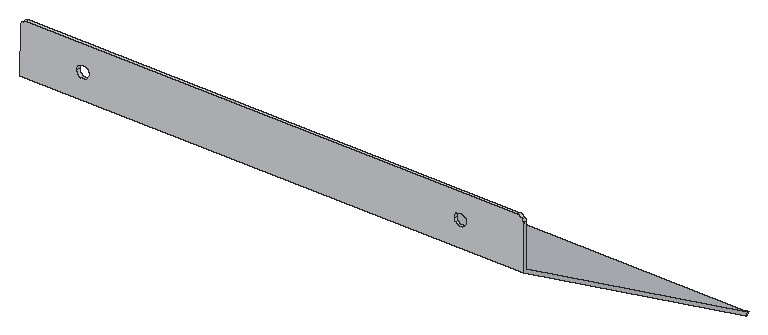
Revit family "AX8999-200X130_0008", category Appareils sanitaires, Revit 2016
Family settings
  Hôte = Mur
  Type d'élément = Normal
  Cote de connecteur circulaire = Utiliser le diamètre
  Numéro OmniClass = 23.75.00.00
  Titre OmniClass = Climate Control (HVAC)
  Toujours verticalement = Oui
  Couper avec des vides une fois chargée = Non
  Partagée = Non
  Point de calcul de pièce = Non
Parameters (values of type "Type 1")
  URL = "https://www.axeuro.com/fr/poubelles-a-integrer-dans-un-meuble-ou-sur-plan-vasque/25564-deflecteur-ax8999-200x130-3700926008179.html"
  Type de produit / Type of product = "Déflecteur / Deflector"  # constant formula
  Référence / Reference = "AX8999-200X130"  # constant formula
  Model = ""
  Manufacturer = ""
  Entreprise / Company = "Axeuro"  # constant formula
  Description = ""
Reference planes
  plane 1 "Mur": y = 0
  plane 2 "Centre (gauche/droite)": x = 0
  plane 3 "Arrière": y = 75
Forms (mm)
  Extrusion 1, solid
    sketch origin (-131.727, 161.622, 507.244) x (-1, 0, 0) y (0, 0.866025, -0.5)
      loop
        line (-231.727, 171.812) -> (-231.727, 44.315) -> (-31.727, 44.315) -> (-31.727, 171.812)
        arc (-31.727, 171.812) -> (-32.46, 173.581) -> (-34.23, 174.315) r 2.503
        line (-34.23, 174.315) -> (-229.224, 174.315)
        arc (-229.224, 174.315) -> (-230.994, 173.581) -> (-231.727, 171.812) r 2.503
    from 248.8 to 250
  Extrusion 2, solid
    sketch origin (-131.727, 325, 114.266) x (-1, 0, 0) y (0, 0, -1)
      loop
        arc (-231.727, -171.812) -> (-230.994, -173.581) -> (-229.224, -174.315) r 2.503
        line (-229.224, -174.315) -> (-34.23, -174.315)
        arc (-34.23, -174.315) -> (-32.46, -173.581) -> (-31.727, -171.812) r 2.503
        line (-31.727, -171.812) -> (-31.727, -154.315) -> (-231.727, -154.315) -> (-231.727, -171.812)
    from 248.8 to 250
  Extrusion 3, void
    sketch origin (24.331, 0, 464.422) x (-1, 0, 0) y (0, 0, -1)
      loop
        circle (-50.669, 185.842) r 2.5
    from -76.2 to -75
  Extrusion 4, void
    sketch origin (-125.669, 0, 464.422) x (-1, 0, 0) y (0, 0, -1)
      loop
        circle (-50.669, 185.842) r 2.5
    from -76.2 to -75
Cuts and joins
  Extrusion 4 cuts Extrusion 1
  Extrusion 3, Extrusion 4 cuts Extrusion 2
  joined: Extrusion 1, Extrusion 2
Text (mm)
  text "Côté de la mise en place" at (-1820.995, 1116.779, 0), in view "Niveau de réf."
  text "Côté de la mise en place" at (0, 1334.055, 2976.191), in view "Gauche"
  text "Côté de la mise en place" at (0, 439.194, 2944.362), in view "Droite"
Dimensions and locks
  locked: plane 3 "Arrière" to host wall
  cut or joined group of Extrusion 1, Extrusion 2, Extrusion 3, Extrusion 4 to cut or joined group of Extrusion 1, Extrusion 2, Extrusion 3, Extrusion 4 = 200 mm
  aligned and locked: plane 1 "Mur" to host wall
